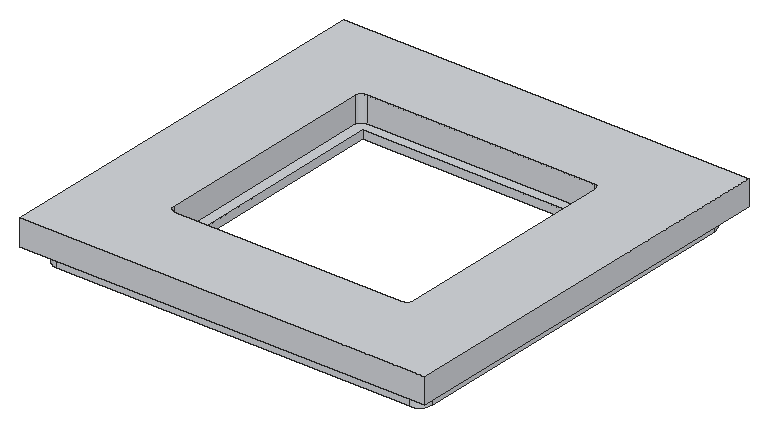
Revit family "Gira_0211226", category Electrical Fixtures, host Face, Revit 2017
Family settings
  Host = Face
  Maintain Annotation Orientation = No
  Round Connector Dimension = Use Diameter
  Part Type = Normal
  Cut with Voids When Loaded = No
  Shared = No
  Room Calculation Point = No
Parameters (values of type "Cov.fr. 1-g Gira Esprit Lin.pwd.anthra.")
  With mounting grid = "No"
  With hinged lid = "No"
  URL = "http://katalog.gira.de/en/datenblatt.html?artikelnr=0211226"
  Type of fastening = "Clamp mounting"
  Transparent = "No"
  Surface protection = "Other"
  Suitable for wall duct = "No"
  Suitable for flush-mounted installation = "Yes"
  Suitable for floor box = "No"
  Suitable for built-in installation = "No"
  Number of units vertical = "1"
  Number of units horizontal = "1"
  Number of units = "1"
  Name = "Cov.fr. 1-g Gira Esprit Lin.pwd.anthra."
  Mounting direction = "Horizontal and vertical"
  Material quality = "Other"
  Material = "Other"
  Manufacturer URL = "https://www.gira.de/"
  Manufacturer = "Gira"
  Label space/information surface = "No"
  Keynote = ""
  HeinzeBIM = "https://bimportal.heinze.de/bim/cov-fr-1-g-gira-esprit-lin-pwd-anthra-/48cd82e523ab774ed6f64cb4ae90f2a1696adcaf"
  Halogen free = "No"
  HAN = "0211226"
  GTIN = "4010337015871"
  Description = "Cov.fr.1g Espr. LPwAn,Gira Esprit cover frame,linoleum-plywood anthracite,1-gang,Notes :,- Natural product. Colour deviations are possible.,- NCS value: approx. NCS S 8502-B"
  Degree of protection (IP) = "IP20"
  Default Elevation = 1219.2 mm
  Data sheet (1) = "https://katalog.gira.de/en/download.html?artikelnr=0211226"
  Colour = "Other"
  Category = "Cover frame for domestic switching devices"
  BIM (1) = "https://media.stage.bim.site/public/gira/36a6b08/Espr._Rahmen_1fach.rfa"
  Available = "No"
Reference planes
  plane 1 "Center (Front/Back)": y = 0
  plane 2: z = 0
  plane 3 "Center (Left/Right)": x = 0
Forms (mm)
  Extrusion 1, solid, detail levels fine
    sketch origin (0, 0, 0) x (1, 0, 0) y (0, 1, 0)
      loop
        line (-47.5, 47.5) -> (-47.5, -47.5) -> (47.5, -47.5) -> (47.5, 47.5) -> (-47.5, 47.5)
      loop
        arc (-28.2, -26.7) -> (-27.761, -27.761) -> (-26.7, -28.2) r 1.5
        line (-26.7, -28.2) -> (26.7, -28.2)
        arc (26.7, -28.2) -> (27.761, -27.761) -> (28.2, -26.7) r 1.5
        line (28.2, -26.7) -> (28.2, 26.7)
        arc (28.2, 26.7) -> (27.761, 27.761) -> (26.7, 28.2) r 1.5
        line (26.7, 28.2) -> (-26.7, 28.2)
        arc (-26.7, 28.2) -> (-27.761, 27.761) -> (-28.2, 26.7) r 1.5
        line (-28.2, 26.7) -> (-28.2, -26.7)
    from 0 to 6
  Extrusion 2, solid, detail levels fine
    sketch origin (0, 0, 0) x (1, 0, 0) y (0, 1, 0)
      loop
        line (-25.7, -25.7) -> (25.7, -25.7) -> (25.7, 25.7) -> (-25.7, 25.7) -> (-25.7, -25.7)
      loop
        arc (-43.1, -41.3) -> (-42.573, -42.573) -> (-41.3, -43.1) r 1.8
        line (-41.3, -43.1) -> (41.3, -43.1)
        arc (41.3, -43.1) -> (42.573, -42.573) -> (43.1, -41.3) r 1.8
        line (43.1, -41.3) -> (43.1, 41.3)
        arc (43.1, 41.3) -> (42.573, 42.573) -> (41.3, 43.1) r 1.8
        line (41.3, 43.1) -> (-41.3, 43.1)
        arc (-41.3, 43.1) -> (-42.573, 42.573) -> (-43.1, 41.3) r 1.8
        line (-43.1, 41.3) -> (-43.1, -41.3)
    from -1.9 to 0
  Extrusion 3, solid, detail levels fine
    sketch origin (0, 0, 0) x (1, 0, 0) y (0, 1, 0)
      loop
        arc (-41.4, 44.4) -> (-43.521, 43.521) -> (-44.4, 41.4) r 3
        line (-44.4, 41.4) -> (-44.4, -41.4)
        arc (-44.4, -41.4) -> (-43.521, -43.521) -> (-41.4, -44.4) r 3
        line (-41.4, -44.4) -> (41.4, -44.4)
        arc (41.4, -44.4) -> (43.521, -43.521) -> (44.4, -41.4) r 3
        line (44.4, -41.4) -> (44.4, 41.4)
        arc (44.4, 41.4) -> (43.521, 43.521) -> (41.4, 44.4) r 3
        line (41.4, 44.4) -> (-41.4, 44.4)
      loop
        line (-43.1, 41.3) -> (-43.1, -41.3)
        arc (-43.1, -41.3) -> (-42.573, -42.573) -> (-41.3, -43.1) r 1.8
        line (-41.3, -43.1) -> (41.3, -43.1)
        arc (41.3, -43.1) -> (42.573, -42.573) -> (43.1, -41.3) r 1.8
        line (43.1, -41.3) -> (43.1, 41.3)
        arc (43.1, 41.3) -> (42.573, 42.573) -> (41.3, 43.1) r 1.8
        line (41.3, 43.1) -> (-41.3, 43.1)
        arc (-41.3, 43.1) -> (-42.573, 42.573) -> (-43.1, 41.3) r 1.8
    from -3.7 to 0
  Extrusion 4, solid, detail levels medium
    sketch origin (0, 0, 0) x (1, 0, 0) y (0, 1, 0)
      loop
        line (-47.5, 47.5) -> (-47.5, -47.5) -> (47.5, -47.5) -> (47.5, 47.5) -> (-47.5, 47.5)
    from 0 to 6
  Extrusion 5, solid, detail levels medium
    sketch origin (0, 0, 0) x (1, 0, 0) y (0, 1, 0)
      loop
        line (-44.4, 44.4) -> (-44.4, -44.4) -> (44.4, -44.4) -> (44.4, 44.4) -> (-44.4, 44.4)
    from -3.7 to 0
  Extrusion 6, solid, detail levels coarse
    sketch origin (0, 0, 0) x (1, 0, 0) y (0, 1, 0)
      loop
        line (-47.5, 47.5) -> (-47.5, -47.5) -> (47.5, -47.5) -> (47.5, 47.5) -> (-47.5, 47.5)
    from -3.7 to 6
Dimensions and locks
  aligned and locked: plane 2 to host face
  aligned and locked: level to host face
